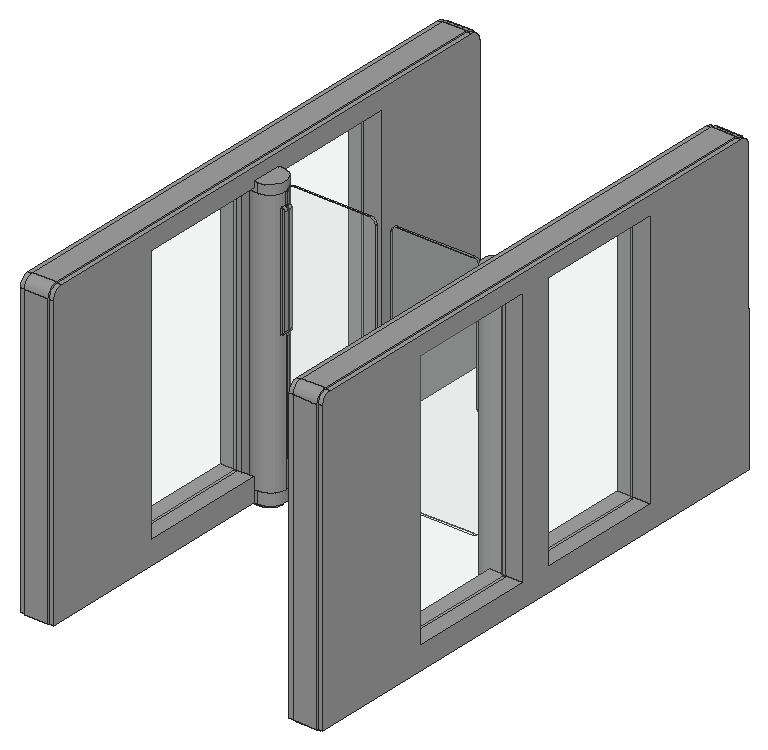
Revit family "ASSA_ABLOY_SG200", category Generic Models, Revit 2020
Family settings
  Can host rebar = No
  Round Connector Dimension = Use Diameter
  Part Type = Normal
  Work Plane-Based = No
  Always vertical = Yes
  Cut with Voids When Loaded = No
  Shared = No
  Room Calculation Point = No
Parameters (values of type "SG200")
  Width [instance] = if(Width Input = 1, "1019 mm", if(Width Input = 2, "1284 mm", if(Width Input = 3, "1569 mm", "ERROR")))  # "1019 mm"
  Weight = "Depends on configuration and size"
  WarrantyDescription = "Depends on country"
  Uniclass2 = ""
  URL = "https://www.assaabloyentrance.com"
  ThresholdRequired = no
  Shape = "Rectangular shaped"
  ServiceLifeDuration = "10-15 years"
  SerialNumber = "n/a"
  SelfClosing = yes
  SafetyDevices = "Force Limitations and Safety Sensors"
  ReplacementCost = "Depends on the configuration and door type"
  ReferenceStandard = "n/a"
  ProductionYear = "n/a"
  PassageWidthOptions = "650, 915, 1200"
  OperatingTemperature = "0º to +55ºC"
  OpenablePanelOpen [instance] = Door Open  # no
  OpenablePanelClose [instance] = not(Door Open)  # yes
  NominalWidth = 994.0 mm
  NominalLength = 1754.0 mm
  NominalHeight = 950.0 mm
  ModelReference = "Depends on the configuration"
  Model = "SG200"
  Material = "Aluminum"
  ManufacturerURL = "https://www.assaabloyentrance.com"
  Manufacturer = "Tansa"
  LeafColourOptions = "All RAL, customer specific"
  IssueDate = "n/a"
  IsExternal = yes
  HasDrive = yes
  HandicapAccessible = yes
  GlassType = "n/a"
  GlassThickness2 = 0.0 mm
  GlassThickness1 = 10.0 mm
  GlassLayers = 0
  Glass Type Input [instance] = 1
  Glass Type [instance] = if(Glass Type Input = 1, "8 mm", if(Glass Type Input = 2, "10 mm", "ERROR"))  # "8 mm"
  Glass Height Input [instance] = 1
  Glass Height [instance] = if(Glass Height Input = 1, "945 mm", if(Glass Height Input = 2, "1200 mm", if(Glass Height Input = 3, "1800 mm", "ERROR")))  # "945 mm"
  Glazing Material [instance] = AssaAbloy_Glass
  FrameSeal = yes
  FrameProfile = "Aluminium"
  FrameFinishOptions = "Powder coated, Anodized, Clad in stainless steel, etc."
  Frame Material [instance] = AssaAbloy_Metal
  FireExit = yes
  Finish [instance] = "Powder coated, Anodized, stainless steel, customer specific"
  ElectronicLock = yes
  DrumWallOptions = "Metal"
  DoorsetOptions = "no"
  DoorsetOperation = "Automatic"
  DoorsetFasteners = "Screws"
  DoorIncluded = yes
  Door Open [instance] = no
  Description = "Speedgate"
  Default Elevation = 0.0 mm
  Construction Type = "Speedgate"
  Colour = "Customer specific"
  Clearance Zone Material [instance] = AssaAbloy_Clearance
  Clearance Zone [instance] = no
  Width Input [instance] = 1
  Clear Opening Width [instance] = if(Width Input = 1, 650.0 mm, if(Width Input = 2, 915.0 mm, if(Width Input = 3, 1200.0 mm, 1200.0 mm)))  # 650.0 mm
  Capacity = "n/a"
  Burglar resistance = "No"
  BreakoutFacility = no
  Author = "agtatec"
  AntiFingerTrapRequirement = no
  Anti-tailgating/Anti-piggybacking = "Yes"
  AccessoryOptions = "Contact manufacturer"
  Access control/Biometrics = "Yes"
Reference planes
  plane 1 "Center (Front/Back)": y = 0
  plane 2: z = 0
  plane 3 "Center (Left/Right)": x = 0
  plane 4: x = -325
  plane 5: x = 325
  plane 6: x = -375.8
  plane 7: x = 375.8
Dimensions and locks
  "Clear Opening Width": plane 4 to plane 5
  equal spacing: plane 4, plane 3 "Center (Left/Right)", plane 5
  locked: plane 6 to plane 4 at 50.8
  locked: plane 7 to plane 5 at 50.8
  aligned and locked: level to plane 2
  aligned and locked: plane 6 to nested 1
  aligned and locked: nested 2 to plane 7
  aligned and locked: plane 6 to nested 3
  aligned and locked: nested 4 to plane 7
  aligned and locked: nested 5 to plane 4
  aligned and locked: nested 6 to plane 5
Nested families
  nested 1: "record_VisionEdge_OpenablePanel" at (-375.8, 0, 0), visible <- "OpenablePanelClose", type "record_VisionEdge_OpenablePanel"
    with GlassThickness 8.0 mm, GlassPanelWidth 300.0 mm, Glass Thickness Type Input 1, COW 650.0 mm
  nested 2: "record_VisionEdge_OpenablePanel" at (375.8, 0, 0) x (-1, 0, 0) z (0, 0, 1), visible <- "OpenablePanelClose", type "record_VisionEdge_OpenablePanel"
    with GlassThickness 8.0 mm, GlassPanelWidth 300.0 mm, Glass Thickness Type Input 1, COW 650.0 mm
  nested 3: "record_VisionEdge_OpenablePanel" at (-375.8, 0, 0) x (0, 1, 0) z (0, 0, 1), visible <- "OpenablePanelOpen", type "record_VisionEdge_OpenablePanel"
    with GlassThickness 8.0 mm, GlassPanelWidth 300.0 mm, Glass Thickness Type Input 1, COW 650.0 mm
  nested 4: "record_VisionEdge_OpenablePanel" at (375.8, 0, 0) x (0, 1, 0) z (0, 0, 1), visible <- "OpenablePanelOpen", type "record_VisionEdge_OpenablePanel"
    with GlassThickness 8.0 mm, GlassPanelWidth 300.0 mm, Glass Thickness Type Input 1, COW 650.0 mm
  nested 5: "record_VisionEdge_SidePanel" at (-325, 0, 0), type "record_VisionEdge_SidePanel"
  nested 6: "record_VisionEdge_SidePanel" at (325, 0, 0) x (-1, 0, 0) z (0, 0, 1), type "record_VisionEdge_SidePanel"
  nested 7: "record_VisionEdge_CZ" at (0, 0, 0), Clear Opening Width Type Input <- "Width Input", Glass Height Type Input <- "Glass Height Input", visible <- "Clearance Zone", Glass Thickness Type Input <- "Glass Type Input", type "record_VisionEdge_CZ"
    with Glass Thickness Type Input 1, Glass Height Type Input 1, Clear Opening Width Type Input 1, CZGlassThickness 9.0 mm, CZGlassHeight 947.0 mm, COW 650.0 mm, Clearance Zone no
Definition of nested family "record_VisionEdge_OpenablePanel"
  Parameters (values of type "Record_Vision_Openable_Panel")
    Glazing Material = none
    GlassThickness = if(Glass Thickness Type Input = 1, 8.0 mm, if(Glass Thickness Type Input = 2, 10.0 mm, 10.0 mm))  # 10.0 mm
    GlassPanelWidth = (COW - 50.0 mm) / 2  # 575.0 mm
    GlassHeight = if(Glass Height Type Input = 1, 950.0 mm, if(Glass Height Type Input = 2, 1200.0 mm, if(Glass Height Type Input = 3, 1800.0 mm, 1800.0 mm)))  # 950.0 mm
    Glass Thickness Type Input = 2
    Glass Height Type Input = 1
    Frame Material = none
    Default Elevation = 0.0 mm
    COW = 1200.0 mm
  Reference planes
    plane 1 "Center (Front/Back)": y = 0
    plane 2: z = 0
    plane 3 "Center (Left/Right)": x = 0
    plane 4: x = 50.8
    plane 5: x = 650.8
    plane 6: x = 625.8
    plane 7: z = 950
    plane 8: z = 882
    plane 9: y = 5
    plane 10: y = -5
  Forms (mm)
    Extrusion 1, solid, material <- "Frame Material", detail levels fine
      sketch origin (0, 0, 48) x (1, 0, 0) y (0, 1, 0)
        loop
          circle (0, 0) r 50.8
      from 0 to 877.5
    Extrusion 2, solid, material <- "Glazing Material", detail levels fine
      sketch origin (0.1, 0, 48) x (1, 0, 0) y (0, 0, 1)
        loop
          arc (60.7, 842) -> (58.357, 836.343) -> (52.7, 834) r 8
          line (52.7, 834) -> (48.435, 834) -> (48.435, 464) -> (52.7, 464)
          arc (52.7, 464) -> (58.357, 461.657) -> (60.7, 456) r 8
          line (60.7, 456) -> (60.7, 104)
          arc (60.7, 104) -> (66.558, 89.858) -> (80.7, 84) r 20
          line (80.7, 84) -> (605.7, 84)
          arc (605.7, 84) -> (619.842, 89.858) -> (625.7, 104) r 20
          line (625.7, 104) -> (625.7, 882)
          arc (625.7, 882) -> (619.842, 896.142) -> (605.7, 902) r 20
          line (605.7, 902) -> (80.7, 902)
          arc (80.7, 902) -> (66.558, 896.142) -> (60.7, 882) r 20
          line (60.7, 882) -> (60.7, 842)
      from -5 to 5
    Extrusion 3, void
      sketch origin (0, 0, 0) x (1, 0, 0) y (0, 0, 1)
        loop
          line (48.535, 885.5) -> (48.535, 508.5) -> (60.8, 508.5) -> (60.8, 885.5) -> (48.535, 885.5)
      from -20 to 20
    Extrusion 4, solid, material <- "Frame Material", detail levels fine
      sketch origin (0, 0, 0) x (1, 0, 0) y (0, 0, 1)
        loop
          arc (60.8, 874) -> (57.871, 881.071) -> (50.8, 884) r 10
          line (50.8, 884) -> (48.535, 884) -> (48.535, 510) -> (50.8, 510)
          arc (50.8, 510) -> (57.871, 512.929) -> (60.8, 520) r 10
          line (60.8, 520) -> (60.8, 874)
      from 5 to 13.5
    Extrusion 5, solid, material <- "Frame Material", detail levels fine
      sketch origin (0, 0, 0) x (1, 0, 0) y (0, 0, -1)
        loop
          line (60.8, -874) -> (60.8, -520)
          arc (60.8, -520) -> (57.871, -512.929) -> (50.8, -510) r 10
          line (50.8, -510) -> (48.535, -510) -> (48.535, -884) -> (50.8, -884)
          arc (50.8, -884) -> (57.871, -881.071) -> (60.8, -874) r 10
      from 5 to 13.5
    Extrusion 6, solid, material <- "Glazing Material", detail levels medium
      sketch origin (0.1, 0, 48) x (1, 0, 0) y (0, 0, 1)
        loop
          line (625.7, 902) -> (-4.7, 902) -> (-4.7, 84) -> (625.7, 84) -> (625.7, 902)
      from -5 to 5
  Cuts and joins
    Extrusion 3 cuts Extrusion 1
  Dimensions and locks
    locked: plane 6 to plane 5 at 25
    "GlassPanelWidth": plane 4 to plane 6
    locked: plane 3 "Center (Left/Right)" to plane 4 at 50.8
    "GlassHeight": plane 7 to plane 2
    equal spacing: plane 9, plane 1 "Center (Front/Back)", plane 10
    "GlassThickness": plane 10 to plane 9
    aligned and locked: level to plane 2
    aligned and locked: plane 7 to Extrusion 2 sketch curve
    aligned and locked: Extrusion 2 sketch curve to plane 8
    aligned and locked: Extrusion 2 to plane 9
    aligned and locked: plane 10 to Extrusion 2
    aligned and locked: Extrusion 4 to plane 10
    aligned and locked: Extrusion 5 to plane 9
    aligned and locked: Extrusion 6 sketch curve to plane 6
    aligned and locked: plane 7 to Extrusion 6 sketch curve
    aligned and locked: Extrusion 6 to plane 9
    aligned and locked: plane 10 to Extrusion 6
  Automatic sketch dimensions
    plane 1 "Center (Front/Back)" to Extrusion 1 sketch curve = 0.0 mm
    Extrusion 1 sketch curve to plane 3 "Center (Left/Right)" = 0.0 mm
    Extrusion 2 sketch curve to plane 6 = 0.0 mm
    Extrusion 2 sketch curve to plane 6 = 20.0 mm  (x2)
    plane 4 to Extrusion 2 sketch curve = 30.0 mm  (x2)
    plane 4 to Extrusion 2 sketch curve = 10.0 mm  (x2)
    plane 4 to Extrusion 2 sketch curve = 2.0 mm  (x2)
    Extrusion 2 sketch curve to plane 4 = 2.265 mm
    Extrusion 2 sketch curve to Extrusion 2 sketch curve = 370.0 mm
    level to Extrusion 2 sketch curve = 152.0 mm
    Extrusion 3 sketch curve to plane 4 = 2.265 mm
    plane 4 to Extrusion 3 sketch curve = 10.0 mm
    plane 8 to Extrusion 3 sketch curve = 373.5 mm
    Extrusion 3 sketch curve to plane 8 = 3.5 mm
    Extrusion 4 sketch curve to plane 4 = 0.0 mm  (x2)
    Extrusion 4 sketch curve to plane 4 = 2.265 mm
    plane 8 to Extrusion 4 sketch curve = 8.0 mm
    Extrusion 4 sketch curve to Extrusion 4 sketch curve = 10.0 mm
    Extrusion 4 sketch curve to Extrusion 4 sketch curve = 354.0 mm
    Extrusion 5 sketch curve to plane 4 = 0.0 mm  (x2)
    Extrusion 5 sketch curve to plane 4 = 2.265 mm
    plane 8 to Extrusion 5 sketch curve = 8.0 mm
    Extrusion 5 sketch curve to Extrusion 5 sketch curve = 10.0 mm
    Extrusion 5 sketch curve to Extrusion 5 sketch curve = 354.0 mm
    Extrusion 6 sketch curve to plane 3 "Center (Left/Right)" = 4.6 mm
    level to Extrusion 6 sketch curve = 132.0 mm
    radius of Extrusion 1 sketch curve = 50.8 mm
Definition of nested family "record_VisionEdge_SidePanel"
  Parameters (values of type "record_VisionEdge_SidePanel")
    Glazing Material = none
    GlassThikness = if(Glass Thickness Type Input = 1, 8.0 mm, if(Glass Thickness Type Input = 2, 10.0 mm, 10.0 mm))  # 8.0 mm
    Glass Thickness Type Input = 1
    Frame Material = none
    Default Elevation = 0.0 mm
  Reference planes
    plane 1 "Center (Front/Back)": y = 0
    plane 2: z = 0
    plane 3 "Center (Left/Right)": x = 0
    plane 4: x = -117
    plane 5: x = -113
    plane 6: x = -95
    plane 7: x = -121
    plane 8: x = -139
  Forms (mm)
    Extrusion 1, solid, material <- "Frame Material", detail levels fine
      sketch origin (0, 0, 0) x (1, 0, 0) y (0, 1, 0)
        loop
          arc (-50.8, -50.8) -> (0, 0) -> (-50.8, 50.8) r 50.8
          line (-50.8, 50.8) -> (-62, 50.8) -> (-62, -50.8) -> (-50.8, -50.8)
      from 925.51 to 955.51
    Extrusion 2, solid, material <- "Frame Material", detail levels fine
      sketch origin (0, 0, 0) x (1, 0, 0) y (0, 1, 0)
        loop
          line (-78, -864) -> (-78, -40.7) -> (-50.8, -40.7)
          arc (-50.8, -40.7) -> (-10.1, 0) -> (-50.8, 40.7) r 40.7
          line (-50.8, 40.7) -> (-78, 40.7) -> (-78, 864) -> (-156, 864) -> (-156, -864) -> (-78, -864)
      from 10.21 to 0
    Extrusion 3, solid, material <- "Glazing Material", detail levels fine
      sketch origin (-121, 0, 0) x (0, 1, 0) y (0, 0, 1)
        loop
          line (59.9, 921.825) -> (59.9, 85.2) -> (464.9, 85.2) -> (464.9, 921.825)
          arc (464.9, 921.825) -> (461.971, 928.896) -> (454.9, 931.825) r 10
          line (454.9, 931.825) -> (69.9, 931.825)
          arc (69.9, 931.825) -> (62.829, 928.896) -> (59.9, 921.825) r 10
        loop
          arc (-59.9, 921.825) -> (-62.829, 928.896) -> (-69.9, 931.825) r 10
          line (-69.9, 931.825) -> (-454.9, 931.825)
          arc (-454.9, 931.825) -> (-461.971, 928.896) -> (-464.9, 921.825) r 10
          line (-464.9, 921.825) -> (-464.9, 85.2) -> (-59.9, 85.2) -> (-59.9, 921.825)
      from 0 to 8
    Extrusion 4, solid, material <- "Frame Material", detail levels fine
      sketch origin (0, 0, 0) x (1, 0, 0) y (0, 1, 0)
        loop
          arc (-50.8, -50.8) -> (0, 0) -> (-50.8, 50.8) r 50.8
          line (-50.8, 50.8) -> (-62, 50.8) -> (-62, -50.8) -> (-50.8, -50.8)
      from 10 to 48.01
    Extrusion 5, void
      sketch origin (0, 0, 37.81) x (1, 0, 0) y (0, 1, 0)
        loop
          line (-101.8, -50.8) -> (-62, -50.8) -> (-62, 50.8) -> (-101.8, 50.8) -> (-101.8, -50.8)
      from 10.2 to 887.7
    Extrusion 6, void
      sketch origin (0, 0, 0) x (0, 1, 0) y (0, 0, 1)
        loop
          line (50.8, 85.2) -> (474, 85.2) -> (474, 936.825) -> (50.8, 936.825) -> (50.8, 85.2)
        loop
          line (-50.8, 85.2) -> (-50.8, 936.825) -> (-474, 936.825) -> (-474, 85.2) -> (-50.8, 85.2)
      from -175.599 to -55
    Extrusion 7, solid, material <- "Frame Material", detail levels coarse+medium
      sketch origin (0, 0, 0) x (1, 0, 0) y (0, 1, 0)
        loop
          line (-62, -877) -> (-62, 877) -> (-172, 877) -> (-172, -877) -> (-62, -877)
      from 0 to 1000
    Extrusion 8, solid, material <- "Frame Material", detail levels fine
      sketch origin (0, 0, 0) x (0, 1, 0) y (0, 0, 1)
        loop
          line (-874, 9.5) -> (874, 9.5) -> (874, 965.5)
          arc (874, 965.5) -> (864.774, 987.774) -> (842.5, 997) r 31.5
          line (842.5, 997) -> (-842.5, 997)
          arc (-842.5, 997) -> (-864.774, 987.774) -> (-874, 965.5) r 31.5
          line (-874, 965.5) -> (-874, 9.5)
      from -62 to -172
    Extrusion 9, solid, material <- "Frame Material", detail levels fine
      sketch origin (0, 0, 0) x (0, 1, 0) y (0, 0, 1)
        loop
          line (-874, 9.5) -> (-874, 965.5)
          arc (-874, 965.5) -> (-864.774, 987.774) -> (-842.5, 997) r 31.5
          line (-842.5, 997) -> (842.5, 997)
          arc (842.5, 997) -> (864.774, 987.774) -> (874, 965.5) r 31.5
          line (874, 965.5) -> (874, 9.5) -> (877, 9.5) -> (877, 965.5)
          arc (877, 965.5) -> (866.895, 989.895) -> (842.5, 1000) r 34.5
          line (842.5, 1000) -> (-842.5, 1000)
          arc (-842.5, 1000) -> (-866.895, 989.895) -> (-877, 965.5) r 34.5
          line (-877, 965.5) -> (-877, 9.5) -> (-874, 9.5)
      from -78 to -156
    Extrusion 10, solid, material <- "Frame Material", detail levels fine
      sketch origin (-121, 0, 0) x (0, -1, 0) y (0, 0, 1)
        loop
          line (-405.781, 918.825) -> (-357.781, 918.825)
          arc (-357.781, 918.825) -> (-353.538, 920.582) -> (-351.781, 924.825) r 6
          line (-351.781, 924.825) -> (-351.781, 936.825) -> (-411.781, 936.825) -> (-411.781, 924.825)
          arc (-411.781, 924.825) -> (-410.024, 920.582) -> (-405.781, 918.825) r 6
        loop
          arc (-125.781, 918.825) -> (-121.538, 920.582) -> (-119.781, 924.825) r 6
          line (-119.781, 924.825) -> (-119.781, 936.825) -> (-179.781, 936.825) -> (-179.781, 924.825)
          arc (-179.781, 924.825) -> (-178.024, 920.582) -> (-173.781, 918.825) r 6
          line (-173.781, 918.825) -> (-125.781, 918.825)
        loop
          arc (405.781, 918.825) -> (410.024, 920.582) -> (411.781, 924.825) r 6
          line (411.781, 924.825) -> (411.781, 936.825) -> (351.781, 936.825) -> (351.781, 924.825)
          arc (351.781, 924.825) -> (353.538, 920.582) -> (357.781, 918.825) r 6
          line (357.781, 918.825) -> (405.781, 918.825)
        loop
          line (125.781, 918.825) -> (173.781, 918.825)
          arc (173.781, 918.825) -> (178.024, 920.582) -> (179.781, 924.825) r 6
          line (179.781, 924.825) -> (179.781, 936.825) -> (119.781, 936.825) -> (119.781, 924.825)
          arc (119.781, 924.825) -> (121.538, 920.582) -> (125.781, 918.825) r 6
      from 3 to 0
    Extrusion 11, solid, material <- "Frame Material", detail levels fine
      sketch origin (-113, 0, 0) x (0, 1, 0) y (0, 0, 1)
        loop
          arc (405.781, 918.825) -> (410.024, 920.582) -> (411.781, 924.825) r 6
          line (411.781, 924.825) -> (411.781, 936.825) -> (351.781, 936.825) -> (351.781, 924.825)
          arc (351.781, 924.825) -> (353.538, 920.582) -> (357.781, 918.825) r 6
          line (357.781, 918.825) -> (405.781, 918.825)
        loop
          line (125.781, 918.825) -> (173.781, 918.825)
          arc (173.781, 918.825) -> (178.024, 920.582) -> (179.781, 924.825) r 6
          line (179.781, 924.825) -> (179.781, 936.825) -> (119.781, 936.825) -> (119.781, 924.825)
          arc (119.781, 924.825) -> (121.538, 920.582) -> (125.781, 918.825) r 6
        loop
          line (-405.781, 918.825) -> (-357.781, 918.825)
          arc (-357.781, 918.825) -> (-353.538, 920.582) -> (-351.781, 924.825) r 6
          line (-351.781, 924.825) -> (-351.781, 936.825) -> (-411.781, 936.825) -> (-411.781, 924.825)
          arc (-411.781, 924.825) -> (-410.024, 920.582) -> (-405.781, 918.825) r 6
        loop
          arc (-125.781, 918.825) -> (-121.538, 920.582) -> (-119.781, 924.825) r 6
          line (-119.781, 924.825) -> (-119.781, 936.825) -> (-179.781, 936.825) -> (-179.781, 924.825)
          arc (-179.781, 924.825) -> (-178.024, 920.582) -> (-173.781, 918.825) r 6
          line (-173.781, 918.825) -> (-125.781, 918.825)
      from 3 to 0
    Extrusion 12, solid, material <- "Frame Material", detail levels fine
      sketch origin (-39.496, -317, 936.825) x (0, -1, 0) y (-1, 0, 0)
        loop
          arc (88.781, 55.504) -> (93.024, 57.262) -> (94.781, 61.504) r 6
          line (94.781, 61.504) -> (94.781, 73.504) -> (34.781, 73.504) -> (34.781, 61.504)
          arc (34.781, 61.504) -> (36.538, 57.262) -> (40.781, 55.504) r 6
          line (40.781, 55.504) -> (88.781, 55.504)
        loop
          line (-191.219, 55.504) -> (-143.219, 55.504)
          arc (-143.219, 55.504) -> (-138.976, 57.262) -> (-137.219, 61.504) r 6
          line (-137.219, 61.504) -> (-137.219, 73.504) -> (-197.219, 73.504) -> (-197.219, 61.504)
          arc (-197.219, 61.504) -> (-195.462, 57.262) -> (-191.219, 55.504) r 6
        loop
          line (-722.781, 55.504) -> (-674.781, 55.504)
          arc (-674.781, 55.504) -> (-670.538, 57.262) -> (-668.781, 61.504) r 6
          line (-668.781, 61.504) -> (-668.781, 73.504) -> (-728.781, 73.504) -> (-728.781, 61.504)
          arc (-728.781, 61.504) -> (-727.024, 57.262) -> (-722.781, 55.504) r 6
        loop
          arc (-442.781, 55.504) -> (-438.538, 57.262) -> (-436.781, 61.504) r 6
          line (-436.781, 61.504) -> (-436.781, 73.504) -> (-496.781, 73.504) -> (-496.781, 60.504)
          arc (-496.781, 60.504) -> (-495.316, 56.969) -> (-491.781, 55.504) r 5
          line (-491.781, 55.504) -> (-442.781, 55.504)
        loop
          line (88.781, 99.504) -> (40.781, 99.504)
          arc (40.781, 99.504) -> (36.538, 97.747) -> (34.781, 93.504) r 6
          line (34.781, 93.504) -> (34.781, 81.504) -> (94.781, 81.504) -> (94.781, 93.504)
          arc (94.781, 93.504) -> (93.024, 97.747) -> (88.781, 99.504) r 6
        loop
          arc (-191.219, 99.504) -> (-195.462, 97.747) -> (-197.219, 93.504) r 6
          line (-197.219, 93.504) -> (-197.219, 81.504) -> (-137.219, 81.504) -> (-137.219, 93.504)
          arc (-137.219, 93.504) -> (-138.976, 97.747) -> (-143.219, 99.504) r 6
          line (-143.219, 99.504) -> (-191.219, 99.504)
        loop
          arc (-722.781, 99.504) -> (-727.024, 97.747) -> (-728.781, 93.504) r 6
          line (-728.781, 93.504) -> (-728.781, 81.504) -> (-668.781, 81.504) -> (-668.781, 93.504)
          arc (-668.781, 93.504) -> (-670.538, 97.747) -> (-674.781, 99.504) r 6
          line (-674.781, 99.504) -> (-722.781, 99.504)
        loop
          line (-442.781, 99.504) -> (-490.781, 99.504)
          arc (-490.781, 99.504) -> (-495.024, 97.747) -> (-496.781, 93.504) r 6
          line (-496.781, 93.504) -> (-496.781, 81.504) -> (-436.781, 81.504) -> (-436.781, 93.504)
          arc (-436.781, 93.504) -> (-438.538, 97.747) -> (-442.781, 99.504) r 6
      from 3 to 0
  Cuts and joins
    Extrusion 5, Extrusion 6 cuts Extrusion 8
    joined: Extrusion 1, Extrusion 2, Extrusion 4, Extrusion 8
    joined: Extrusion 10, Extrusion 11, Extrusion 12
  Dimensions and locks
    "GlassThikness": Extrusion 3 to Extrusion 3
    locked: plane 4 to plane 3 "Center (Left/Right)" at 117
    equal spacing: Extrusion 3, plane 4, Extrusion 3
    locked: plane 5 to plane 6 at 18
    locked: plane 7 to plane 8 at 18
    "GlassThikness": plane 7 to plane 5
    equal spacing: plane 7, plane 4, plane 5
    aligned and locked: level to plane 2
    aligned and locked: Extrusion 12 sketch curve to plane 5  (x3)
    aligned and locked: plane 5 to Extrusion 12 sketch curve
    aligned and locked: Extrusion 12 sketch curve to plane 6  (x2)
    aligned and locked: plane 6 to Extrusion 12 sketch curve  (x2)
    aligned and locked: Extrusion 12 sketch curve to plane 7  (x3)
    aligned and locked: plane 7 to Extrusion 12 sketch curve
    aligned and locked: plane 8 to Extrusion 12 sketch curve  (x2)
    aligned and locked: Extrusion 12 sketch curve to plane 8  (x2)
  Automatic sketch dimensions
    plane 1 "Center (Front/Back)" to Extrusion 1 sketch curve = 0.0 mm
    Extrusion 1 sketch curve to plane 3 "Center (Left/Right)" = 62.0 mm
    Extrusion 1 sketch curve to Extrusion 1 sketch curve = 11.2 mm
    plane 1 "Center (Front/Back)" to Extrusion 1 sketch curve = 50.8 mm
    plane 1 "Center (Front/Back)" to Extrusion 2 sketch curve = 0.0 mm
    Extrusion 2 sketch curve to plane 3 "Center (Left/Right)" = 156.0 mm
    Extrusion 2 sketch curve to plane 3 "Center (Left/Right)" = 78.0 mm  (x2)
    Extrusion 2 sketch curve to Extrusion 2 sketch curve = 27.2 mm
    plane 1 "Center (Front/Back)" to Extrusion 2 sketch curve = 40.7 mm
    Extrusion 2 sketch curve to Extrusion 2 sketch curve = 823.3 mm  (x2)
    level to Extrusion 3 sketch curve = 85.2 mm  (x2)
    plane 1 "Center (Front/Back)" to Extrusion 3 sketch curve = 464.9 mm
    Extrusion 3 sketch curve to Extrusion 3 sketch curve = 10.0 mm  (x3)
    plane 1 "Center (Front/Back)" to Extrusion 3 sketch curve = 69.9 mm
    Extrusion 3 sketch curve to plane 1 "Center (Front/Back)" = 59.9 mm
    Extrusion 3 sketch curve to Extrusion 3 sketch curve = 385.0 mm
    Extrusion 3 sketch curve to Extrusion 3 sketch curve = 405.0 mm
    Extrusion 3 sketch curve to Extrusion 3 sketch curve = 836.625 mm
    Extrusion 3 sketch curve to Extrusion 3 sketch curve = 0.0 mm
    plane 1 "Center (Front/Back)" to Extrusion 4 sketch curve = 0.0 mm
    Extrusion 4 sketch curve to plane 3 "Center (Left/Right)" = 62.0 mm
    Extrusion 4 sketch curve to Extrusion 4 sketch curve = 11.2 mm
    plane 1 "Center (Front/Back)" to Extrusion 4 sketch curve = 50.8 mm
    Extrusion 5 sketch curve to plane 1 "Center (Front/Back)" = 50.8 mm
    Extrusion 5 sketch curve to plane 3 "Center (Left/Right)" = 101.8 mm
    Extrusion 5 sketch curve to Extrusion 5 sketch curve = 39.8 mm
    plane 1 "Center (Front/Back)" to Extrusion 5 sketch curve = 50.8 mm
    plane 1 "Center (Front/Back)" to Extrusion 6 sketch curve = 474.0 mm
    plane 1 "Center (Front/Back)" to Extrusion 6 sketch curve = 50.8 mm
    Extrusion 6 sketch curve to plane 1 "Center (Front/Back)" = 50.8 mm
    Extrusion 6 sketch curve to Extrusion 6 sketch curve = 423.2 mm
    level to Extrusion 6 sketch curve = 85.2 mm  (x2)
    Extrusion 6 sketch curve to Extrusion 6 sketch curve = 851.625 mm
    Extrusion 6 sketch curve to Extrusion 6 sketch curve = 0.0 mm
    Extrusion 7 sketch curve to plane 3 "Center (Left/Right)" = 172.0 mm
    Extrusion 7 sketch curve to plane 3 "Center (Left/Right)" = 62.0 mm
    plane 1 "Center (Front/Back)" to Extrusion 7 sketch curve = 877.0 mm
    Extrusion 7 sketch curve to plane 1 "Center (Front/Back)" = 877.0 mm
    level to Extrusion 8 sketch curve = 9.5 mm
    plane 1 "Center (Front/Back)" to Extrusion 8 sketch curve = 874.0 mm
    Extrusion 8 sketch curve to Extrusion 8 sketch curve = 31.5 mm
    Extrusion 8 sketch curve to plane 1 "Center (Front/Back)" = 842.5 mm
    Extrusion 8 sketch curve to plane 1 "Center (Front/Back)" = 874.0 mm
    Extrusion 8 sketch curve to Extrusion 8 sketch curve = 956.0 mm
    Extrusion 9 sketch curve to Extrusion 9 sketch curve = 0.0 mm  (x4)
    level to Extrusion 9 sketch curve = 9.5 mm  (x2)
    plane 1 "Center (Front/Back)" to Extrusion 9 sketch curve = 877.0 mm
    Extrusion 9 sketch curve to Extrusion 9 sketch curve = 3.0 mm
    Extrusion 9 sketch curve to Extrusion 9 sketch curve = 31.5 mm  (x2)
    Extrusion 9 sketch curve to plane 1 "Center (Front/Back)" = 842.5 mm
    Extrusion 9 sketch curve to Extrusion 9 sketch curve = 956.0 mm
    Extrusion 3 to Extrusion 10 sketch curve = 5.0 mm  (x4)
    Extrusion 10 sketch curve to Extrusion 3 = 53.119 mm
    Extrusion 10 sketch curve to Extrusion 10 sketch curve = 6.0 mm  (x8)
    Extrusion 10 sketch curve to Extrusion 3 = 7.0 mm  (x2)
    Extrusion 10 sketch curve to Extrusion 10 sketch curve = 48.0 mm  (x4)
    Extrusion 10 sketch curve to Extrusion 3 = 119.881 mm
    Extrusion 10 sketch curve to Extrusion 3 = 13.0 mm  (x2)
    Extrusion 10 sketch curve to Extrusion 3 = 59.881 mm
    Extrusion 10 sketch curve to Extrusion 3 = 113.119 mm
    Extrusion 3 to Extrusion 11 sketch curve = 5.0 mm  (x4)
    Extrusion 11 sketch curve to Extrusion 3 = 53.119 mm
    Extrusion 11 sketch curve to Extrusion 11 sketch curve = 6.0 mm  (x7)
    Extrusion 11 sketch curve to Extrusion 3 = 7.0 mm  (x4)
    Extrusion 11 sketch curve to Extrusion 11 sketch curve = 48.0 mm  (x4)
    Extrusion 11 sketch curve to Extrusion 3 = 119.881 mm
    Extrusion 11 sketch curve to Extrusion 3 = 59.881 mm
    Extrusion 11 sketch curve to Extrusion 3 = 113.119 mm
    Extrusion 11 sketch curve to Extrusion 3 = 13.0 mm
    Extrusion 12 sketch curve to Extrusion 6 = 62.219 mm
    Extrusion 12 sketch curve to Extrusion 12 sketch curve = 0.0 mm  (x10)
    Extrusion 12 sketch curve to Extrusion 12 sketch curve = 6.0 mm  (x13)
    Extrusion 12 sketch curve to Extrusion 12 sketch curve = 48.0 mm  (x4)
    Extrusion 12 sketch curve to Extrusion 6 = 45.0 mm
    Extrusion 6 to Extrusion 12 sketch curve = 128.981 mm
    Extrusion 12 sketch curve to Extrusion 6 = 170.581 mm
    Extrusion 12 sketch curve to Extrusion 12 sketch curve = 172.0 mm
Definition of nested family "record_VisionEdge_CZ"
  Parameters (values of type "record_VisionTouch_CZ")
    Glass Thickness Type Input [instance] = 1
    Clearance Zone = yes
    CZGlassThickness [instance] = if(Glass Thickness Type Input = 1, 8.0 mm, if(Glass Thickness Type Input = 2, 10.0 mm, 10.0 mm)) / 2 + 5.0 mm  # 9.0 mm
    CZGlassHeight [instance] = if(Glass Height Type Input = 1, 945.0 mm, if(Glass Height Type Input = 2, 1200.0 mm, if(Glass Height Type Input = 3, 1800.0 mm, 1800.0 mm))) + 2.0 mm  # 1802.0 mm
    Glass Height Type Input [instance] = 3
    Default Elevation = 0.0 mm
    Clearance Zone Material = none
    Clear Opening Width Type Input [instance] = 3
    COW [instance] = if(Clear Opening Width Type Input = 1, 650.0 mm, if(Clear Opening Width Type Input = 2, 915.0 mm, if(Clear Opening Width Type Input = 3, 1200.0 mm, 1200.0 mm)))  # 1200.0 mm
  Reference planes
    plane 1 "Center (Front/Back)": y = 0
    plane 2: z = 0
    plane 3 "Center (Left/Right)": x = 0
    plane 4: x = -600
    plane 5: x = 600
    plane 6: x = -650.8
    plane 7: x = 650.8
    plane 8: x = -777
    plane 9: x = 777
    plane 10: y = 600
    plane 11: y = -600
    plane 12: z = 1802
  Forms (mm)
    Extrusion 1, solid, material <- "Clearance Zone Material", visible <- "Clearance Zone"
      sketch origin (0, 0, 0) x (1, 0, 0) y (0, 1, 0)
        loop
          line (-777, 882) -> (-777, -882) -> (777, -882) -> (777, 882) -> (-777, 882)
      from 0 to 1002
    Extrusion 2, solid, material <- "Clearance Zone Material", visible <- "Clearance Zone"
      sketch origin (0, 0, 0) x (1, 0, 0) y (0, 1, 0)
        loop
          line (-659.8, 630.8) -> (-659.8, -9) -> (659.8, -9) -> (659.8, 630.8) -> (-659.8, 630.8)
      from 0 to 1802
  Cuts and joins
    joined: Extrusion 1, Extrusion 2
  Dimensions and locks
    "COW": plane 4 to plane 5
    equal spacing: plane 4, plane 3 "Center (Left/Right)", plane 5
    locked: plane 6 to plane 4 at 50.8
    locked: plane 7 to plane 5 at 50.8
    locked: plane 8 to plane 4 at 177
    equal spacing: plane 11, plane 1 "Center (Front/Back)", plane 10
    "COW": plane 11 to plane 10
    locked: plane 10 to Extrusion 2 sketch curve at 30.8
    "CZGlassThickness": Extrusion 2 sketch curve to plane 1 "Center (Front/Back)"
    "CZGlassThickness": plane 7 to Extrusion 2 sketch curve
    "CZGlassThickness": Extrusion 2 sketch curve to plane 6
    "CZGlassHeight": plane 12 to level
    locked: plane 5 to plane 9 at 177
    aligned and locked: level to plane 2
    aligned and locked: Extrusion 1 to plane 8
    aligned and locked: cut or joined group of Extrusion 1, Extrusion 2 to plane 12
    aligned and locked: cut or joined group of Extrusion 1, Extrusion 2 to plane 9
  Automatic sketch dimensions
    Extrusion 1 sketch curve to plane 8 = 0.0 mm
    Extrusion 1 sketch curve to plane 1 "Center (Front/Back)" = 882.0 mm
    plane 1 "Center (Front/Back)" to Extrusion 1 sketch curve = 882.0 mm
    Extrusion 1 sketch curve to plane 9 = 0.0 mm
